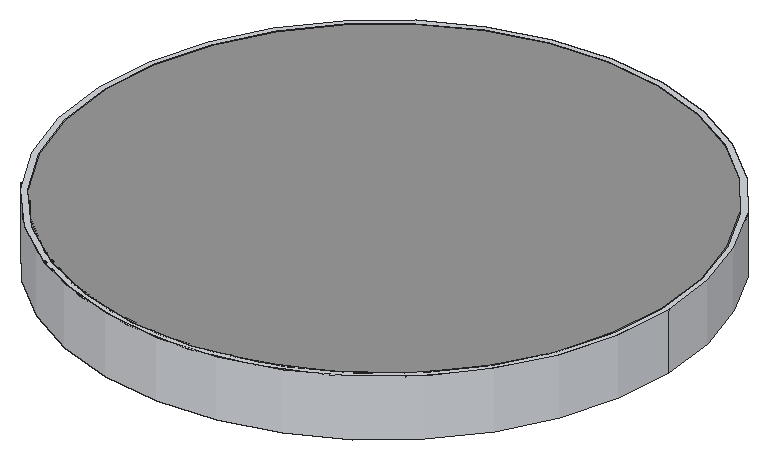
Revit family "2071175", category Lighting Fixtures, host Face, Revit 2018
Family settings
  Host = Face
  Round Connector Dimension = Use Diameter
  Part Type = Normal
  OmniClass Number = 23.80.70.00
  OmniClass Title = Lighting
  Cut with Voids When Loaded = No
  Light Source = Yes
  Shared = No
  Room Calculation Point = No
Parameters (values of type "2071175 COLOSSAL 600 840 OP DIR WHT DALI")
  iner diameter = 588 mm
  Weight = "n/a"
  Wattage Comments = ""
  Wattage = 30 W
  WarrantyStartDate [instance] = "n/a"
  WarrantyGuarantorParts = "n/a"
  WarrantyDurationUnit = "n/a"
  WarrantyDurationParts = ""
  WarrantyDescription = "http://www.sylvania-lighting.com"
  built-in parameter 1150110 = 1 (stored number, unit not read)
  Voltage = 230 V
  URL = "0.99"
  TypeName = "COLOSSAL 600mm 840 OPAL DIR WHITE DALI"
  Type Image = <None>
  Type Comments = "n/a"
  built-in parameter 1114217 = 1 (stored number, unit not read)
  Tilt Angle = -90.00°
  built-in parameter 1150109 = 1 (stored number, unit not read)
  built-in parameter 1150134 = (empty or 0)
  built-in parameter 1150113 = 1 (stored number, unit not read)
  SerialNumber [instance] = "n/a"
  Photometric Web File = "2071175.ies"
  Material_3_SYL = LED-Sylvania
  PowerFactor = 0
  PowerConsumption = "Lighting"
  NominalLength = 600 mm
  NominalHeight = 93 mm
  NominalDepth = 600 mm
  Name = "COLOSSAL 600mm 840 OPAL DIR WHITE DALI"
  ModelReference = Name  # "COLOSSAL 600mm 840 OPAL DIR WHITE DALI"
  ModelNumber = "2071175"
  Model = Name  # "COLOSSAL 600mm 840 OPAL DIR WHITE DALI"
  Material = "Feilo Sylvania"
  ManufacturerName = "133 lm/W"
  Manufacturer = ""
  LuminousEfficacy = ""
  built-in parameter 1150105 = 270.44 (stored number, unit not read)
  Lumens = 3398.4 lm
  LuminaireType = "0"
  built-in parameter 1150115 = 1 (stored number, unit not read)
  LightOutputRatio = "LED"
  built-in parameter 1150137 = (empty or 0)
  built-in parameter 1150139 = (empty or 0)
  LampsType = Lamp  # "n/a"
  LampNominalLuminous = "4000 K"
  LampMacAdamStep = "80"
  LampColourTemperature = "LED"
  LampColourRenderingIndex = "16500"
  built-in parameter 1150112 = 1 (stored number, unit not read)
  built-in parameter 1150114 = 1 (stored number, unit not read)
  Lamp = "n/a"
  Keynote = "n/a"
  InstallationDate [instance] = "n/a"
  InputVoltage = "0"
  InputNominalFrequency = "4000"
  built-in parameter 1150132 = (empty or 0)
  built-in parameter 1150102 = (empty or 0)
  built-in parameter 1150107 = 3000 (stored number, unit not read)
  built-in parameter 1150138 = (empty or 0)
  IngressProtection = "IfcLightFixtureType"
  ImpactProtectionIndex = "IfcLightFixtureType"
  built-in parameter 1150106 = 2.7044 (stored number, unit not read)
  IfcExportType = "IfcLightFixtureType"
  IfcExportAs = "Class I"
  Emit from Circle Diameter = 385 mm
  Emit Shape Visible in Rendering = no
  ElectricShockClassification = "133"
  built-in parameter 1150104 = 10.524 (stored number, unit not read)
  DocumentationLiterature = "http://www.sylvania-lighting.com/product/en-int/products/2071175"
  DimmingControlOptions = "n/a"
  Material_2_SYL = Polycarbonate_Sylvania_White
  Dimming Lamp Color Temperature Shift = <None>
  Description = "600mm diameter circular architectural luminaire, can be surface mounted or suspended. Powder coated aluminium housing (RAL9016) with polycarbonate opal diffuser. Direct light distribution, 5330lm luminuous flux, 40.1W system power, 133lm/W luminiaire efficacy. DALI dimmable. Colour rendering index Ra >80, 4000K Neutral White LED, chromaticity tolerance of 3-step MacAdam ellipse. IP40, IK03. 450mA drive current. Electrical protection Class1, 220-240V. Reported lifetime 66k hours L90B10."
  Default Elevation = 1219.2 mm
  CreatedOn = "23/03/2022"
  CreatedBy = "@sylvania-lighting.com"
  Cost = 0
  Color Filter = 16777215
  built-in parameter 1114216 [instance] = (empty or 0)
  ClassificationValue = "EF_70_80"
  ClassificationName = "Uniclass2015"
  Material_1_SYL = Polycarbonate_Sylvania_Opal
  BarCode [instance] = "n/a"
  built-in parameter 1114218 = 1 (stored number, unit not read)
  built-in parameter 1150133 = 10 (stored number, unit not read)
  AssetType = "Fixed"
  AssetIdentifier [instance] = "n/a"
  Assembly Code = "D5020200"
  Apparent Load = 40.1 VA
  Material_4_SYL = none
Reference planes
  plane 1 "Center (Front/Back)": y = 0
  plane 2: z = 0
  plane 3 "Center (Left/Right)": x = 0
  plane 4: x = -300
  plane 5: x = 300
  plane 6: y = 300
  plane 7: y = -300
  plane 8: y = 212
  plane 9: y = -212
  plane 10: z = 93
  plane 11: y = 294
  plane 12: y = -294
  plane 13: through (0, 0, 1219.2) normal (0.5, -0.866, 0)
  plane 14: through (-134.29, 20.617, 1219.2) normal (0.5, -0.866, 0)
  plane 15: through (-144.685, -181.683, 1219.2) normal (-0.5, 0.866, 0)
  plane 16: through (0, 0, 1219.2) normal (0.5, 0.866, 0)
  plane 17: through (178.555, -4.939, 1219.2) normal (0.5, 0.866, 0)
  plane 18: through (87.581, -148.715, 1219.2) normal (0.5, 0.866, 0)
  plane 19: y = 272
  plane 20: through (105.168, 227.067, 1219.2) normal (0.866, 0.5, 0)
  plane 21: through (-104.171, 225.672, 1219.2) normal (0.8572, -0.515, 0)
  plane 22: y = -204.612
  plane 23: through (-296.643, -30.2, 1219.2) normal (0.866, 0.5, 0)
  plane 24: through (153.092, -278.837, 1219.2) normal (-0.866, 0.5, 0)
Forms (mm)
  Extrusion 1, solid, detail levels medium+fine
    sketch origin (0, 0, 0) x (1, 0, 0) y (0, 1, 0)
      loop
        circle (0, 0) r 300
    from 33.023 to 93
  Extrusion 2, void
    sketch origin (0, 0, 0) x (1, 0, 0) y (0, 1, 0)
      loop
        circle (0, 0) r 294
    from 93 to 37.292
  Extrusion 3, solid, material "Glass, White, High Luminance", detail levels fine
    sketch origin (0, 0, 0) x (1, 0, 0) y (0, 1, 0)
      loop
        circle (0, 0) r 294
    from 88.026 to 93
  Extrusion 4, solid, detail levels coarse
    sketch origin (0, 0, 0) x (1, 0, 0) y (0, 1, 0)
      loop
        line (-300, 300) -> (-300, -300) -> (300, -300) -> (300, 300) -> (-300, 300)
    from 0 to 93
  Blend 5, solid, detail levels medium+fine
    base sketch origin (0, 0, 0) x (1, 0, 0) y (0, 1, 0)
      loop
        line (-76.334, 272) -> (-277.665, -63.07) -> (-195.946, -204.612) -> (195.946, -204.612) -> (275.172, -67.388) -> (79.226, 272) -> (-76.334, 272)
    top sketch origin (0, 0, 0) x (1, 0, 0) y (0, 1, 0)
      loop
        line (-226.097, -32.388) -> (-141.097, -179.612) -> (141.097, -179.612) -> (226.097, -32.388) -> (85, 212) -> (-85, 212) -> (-226.097, -32.388)
    from 33.023 to 0
Cuts and joins
  Extrusion 2 cuts Extrusion 1
Lines and regions (mm)
  model lines
    curve 1: line (-85, 212, 0) -> (0, 212, 0)
    curve 2: line (0, 212, 0) -> (85, 212, 0)
Dimensions and locks
  "NominalDepth": plane 6 to plane 7
  "NominalLength": plane 4 to plane 5
  equal spacing: plane 4, plane 3 "Center (Left/Right)", plane 5
  "iner diameter": plane 11 to plane 12
  equal spacing: plane 11, plane 1 "Center (Front/Back)", plane 12
  equal spacing: plane 6, plane 1 "Center (Front/Back)", plane 7
  "NominalHeight": plane 10 to level
  radius of Extrusion 2 sketch curve = 294 mm
  aligned and locked: plane 2 to host face
  aligned and locked: level to host face
Automatic sketch dimensions
  host sketch curve to host sketch curve = 2438.4 mm  (x2)
  plane 1 "Center (Front/Back)" to Extrusion 1 sketch curve = 0 mm
  Extrusion 1 sketch curve to plane 3 "Center (Left/Right)" = 0 mm
  plane 1 "Center (Front/Back)" to Extrusion 2 sketch curve = 0 mm
  Extrusion 2 sketch curve to plane 3 "Center (Left/Right)" = 0 mm
  plane 1 "Center (Front/Back)" to Extrusion 3 sketch curve = 0 mm
  Extrusion 3 sketch curve to plane 3 "Center (Left/Right)" = 0 mm
  Extrusion 4 sketch curve to plane 4 = 0 mm
  Extrusion 4 sketch curve to plane 5 = 0 mm
  Extrusion 4 sketch curve to plane 7 = 0 mm
  Extrusion 4 sketch curve to plane 6 = 0 mm
  Blend 5 sketch curve to plane 8 = 0 mm
  Blend 5 sketch curve to plane 3 "Center (Left/Right)" = 85 mm
  plane 3 "Center (Left/Right)" to Blend 5 sketch curve = 85 mm
  plane 9 to Blend 5 sketch curve = 32.388 mm
  plane 3 "Center (Left/Right)" to Blend 5 sketch curve = 141.097 mm
  plane 1 "Center (Front/Back)" to Blend 5 sketch curve = 32.388 mm  (x2)
  Blend 5 sketch curve to plane 5 = 73.903 mm
  Blend 5 sketch curve to plane 3 "Center (Left/Right)" = 141.097 mm
  plane 4 to Blend 5 sketch curve = 73.903 mm
  curve 1 to plane 8 = 0 mm
  curve 2 to plane 3 "Center (Left/Right)" = 0 mm
  curve 1 to plane 3 "Center (Left/Right)" = 85 mm
  curve 1 to curve 2 = 85 mm
  Blend 5 sketch curve to plane 21 = 0 mm
  Blend 5 sketch curve to plane 23 = 0 mm  (x2)
  Blend 5 sketch curve to plane 22 = 0 mm
  Blend 5 sketch curve to plane 19 = 0 mm
  plane 21 to Blend 5 sketch curve = 0 mm
  Blend 5 sketch curve to plane 20 = 0 mm  (x2)
  Blend 5 sketch curve to plane 24 = 0 mm  (x2)
  radius of Extrusion 1 sketch curve = 300 mm
  radius of Extrusion 3 sketch curve = 294 mm
Connectors
  electrical at (0, 0, 0), driven by "Apparent Load", driven by "PowerFactor", driven by "Voltage"
    settings: index 1, voltage 230 V, apparent load 40.1 VA, apparent load phase1 0 VA, apparent load phase2 0 VA, apparent load phase3 0 VA, power factor 0, load classification "Lighting", number of poles 1, system type 30, power factor state 1, is connector primary yes, connector utility no, sub classification motor no, connector description ""
